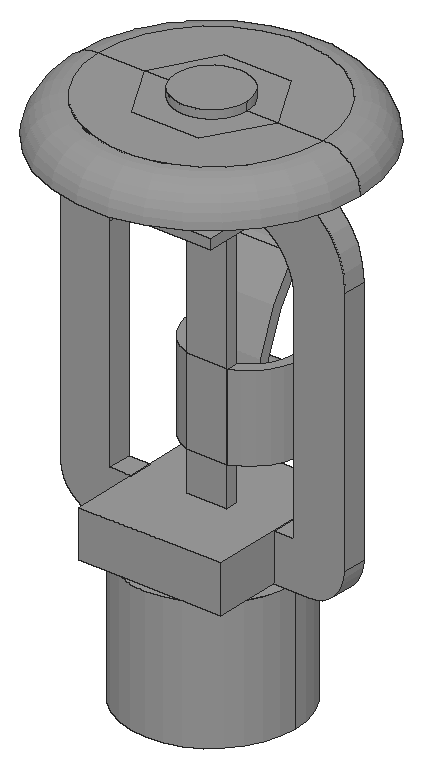
Revit family
Parameters (values of type "RASCO G UPRIGHT")
  Temperature Rating = 286 °F
  Response = (empty or 0)
  RASCO SIN # = "R1025"
  RASCO Part # = "GU3B"
  Pressure Rating = "175 PSI"
  Pressure Class = (empty or 0)
  Orifice Size = 1/2"
  Orifice = (empty or 0)
  Model = "G"
  Manufacturer = "RASCO"
  K-Factor = 5.62
  Description = "Bronze Finish"
  Coverage = (empty or 0)
Reference planes (in)
  plane 1 "Center (Front/Back)": y = 0
  plane 2: z = 0
  plane 3 "Center (Left/Right)": x = 0
Dimensions and locks (in)
  aligned and locked: plane 2 to level
Nested families (in)
  nested 1: "GU3B" at (0, 0, 0), type "RASCO G UPRIGHT"
Definition of nested family "GU3B"
  Parameters (values of type "RASCO G UPRIGHT")
    Type Comments = ""
    Temperature Rating = 0 °F
    Response = (empty or 0)
    Pressure Rating = "0"
    Pressure Class = (empty or 0)
    Orifice Size = 0"
    Orifice = (empty or 0)
    Model = ""
    Manufacturer = ""
    K-Factor = 0
    Description = ""
    Coverage = (empty or 0)
    Assembly Code = ""
  Reference planes (in)
    plane 1 "Center (Front/Back)": y = 0
    plane 2: z = 0
    plane 3 "ref.2": z = 0.6875
    plane 4 "ref.3": z = 0.9375
    plane 5: x = -0.38065
    plane 6: x = 0.36935
    plane 7 "ref. side 1": y = 0.06402
    plane 8 "ref. side 2": y = -0.06098
    plane 9 "ref.4": z = 1.875
    plane 10 "ref.5": z = 2.875
    plane 11 "center": x = -0.00574
  Forms (in)
    Extrusion 1, solid, material "Default"
      sketch origin (0, 0, 0) x (1, 0, 0) y (0, 1, 0)
        loop
          circle (0, 0) r 0.438
      from 0 to 0.6875
    Extrusion 2, solid, material "Default"
      sketch origin (-0.12185, 0.05177, 0.6875) x (1, 0, 0) y (0, 1, 0)
        loop
          line (-0.2588, 0.356) -> (-0.2588, -0.4565) -> (0.4912, -0.4565) -> (0.4912, 0.356) -> (-0.2588, 0.356)
      from 0 to 0.25
    Extrusion 3, solid, material "Default"
      sketch origin (0, 0, 0) x (1, 0, 0) y (0, 0, 1)
        loop
          line (-0.49248, 0.9375) -> (-0.49248, 2.10276)
          arc (-0.49248, 2.10276) -> (-0.40724, 2.30855) -> (-0.20145, 2.39379) r 0.29103
          line (-0.20145, 2.39379) -> (0.18108, 2.39379)
          arc (0.18108, 2.39379) -> (0.38905, 2.30765) -> (0.47519, 2.09969) r 0.29411
          line (0.47519, 2.09969) -> (0.47519, 0.9375) -> (0.36935, 0.9375) -> (0.36935, 0.6875) -> (0.55741, 0.6875)
          arc (0.55741, 0.6875) -> (0.69165, 0.7431) -> (0.74725, 0.87734) r 0.18984
          line (0.74725, 0.87734) -> (0.74725, 2.19113)
          arc (0.74725, 2.19113) -> (0.61669, 2.50631) -> (0.3015, 2.63687) r 0.44574
          line (0.3015, 2.63687) -> (-0.30719, 2.63687)
          arc (-0.30719, 2.63687) -> (-0.62225, 2.50637) -> (-0.75275, 2.19131) r 0.44556
          line (-0.75275, 2.19131) -> (-0.75275, 0.87876)
          arc (-0.75275, 0.87876) -> (-0.69673, 0.74352) -> (-0.56149, 0.6875) r 0.19126
          line (-0.56149, 0.6875) -> (-0.38065, 0.6875) -> (-0.38065, 0.9375) -> (-0.49248, 0.9375)
      from -0.06402 to 0.06098
    Extrusion 4, solid, material "Default"
      sketch origin (-0.00199, 0, 2.4375) x (-1, 0, 0) y (0, -1, 0)
        loop
          circle (0.00574, -0.00152) r 0.1875
      from -0.04371 to 0.4375
    Revolve 5, solid, material "Default"
      sketch origin (-0.0011, 0, 0.30638) x (1, 0, 0) y (0, 0, 1)
        loop
          line (-0.19255, 2.33367) -> (-0.19255, 2.52696) -> (-0.35809, 2.52696) -> (-0.59714, 2.52696)
          arc (-0.59714, 2.52696) -> (-0.73508, 2.47056) -> (-0.79397, 2.33367) r 0.19686
          line (-0.79397, 2.33367) -> (-0.19255, 2.33367)
        axis (-0.00574, 2.33367) -> (-0.00574, 2.52696)
      angle from 0 to 360
    Extrusion 6, solid, material "Default"
      sketch origin (0, 0, 0.9375) x (-1, 0, 0) y (0, -1, 0)
        loop
          line (-0.10175, -0.02852) -> (0.11324, -0.02852) -> (0.11324, 0.03101) -> (-0.10175, 0.03101) -> (-0.10175, -0.02852)
      from 0 to 1.45629
    Extrusion 7, solid, material "Default"
      sketch origin (-0.00574, -0.0095, -0.07537) x (0, 0, -1) y (0, -1, 0)
        loop
          line (-2.39379, 0.21198) -> (-2.39379, -0.229)
          arc (-2.39379, -0.229) -> (-2.26956, -0.41579) -> (-2.04926, -0.37342) r 0.20254
          arc (-2.04926, -0.37342) -> (-1.6599, -0.16721) -> (-1.22163, -0.12207) r 1.15319
          line (-1.22163, -0.12207) -> (-1.22163, -0.07087)
          arc (-1.22163, -0.07087) -> (-1.6782, -0.11947) -> (-2.0834, -0.33544) r 1.20419
          arc (-2.0834, -0.33544) -> (-2.24878, -0.36919) -> (-2.34279, -0.229) r 0.15154
          line (-2.34279, -0.229) -> (-2.34279, 0.21198) -> (-2.39379, 0.21198)
      from -0.17255 to 0.17398
    Extrusion 8, solid, material "Default"
      sketch origin (0, 0, 0) x (1, 0, 0) y (0, 1, 0)
        loop
          arc (0.23993, 0.23051) -> (0.19768, 0.11115) -> (0.10175, 0.02852) r 0.24647
          line (0.10175, 0.02852) -> (-0.11324, 0.02852)
          arc (-0.11324, 0.02852) -> (-0.21767, 0.12447) -> (-0.25194, 0.2621) r 0.24647
          line (-0.25194, 0.2621) -> (-0.25194, 0.40777) -> (-0.30719, 0.40777) -> (-0.30719, 0.25942)
          arc (-0.30719, 0.25942) -> (-0.25653, 0.08328) -> (-0.11324, -0.03101) r 0.30157
          line (-0.11324, -0.03101) -> (0.10175, -0.03101)
          arc (0.10175, -0.03101) -> (0.24461, 0.08262) -> (0.29574, 0.25785) r 0.30157
          line (0.29574, 0.25785) -> (0.29574, 0.40777) -> (0.23993, 0.40777) -> (0.23993, 0.23051)
      from 1.14626 to 1.59756
    Extrusion 9, solid, material "Default"
      sketch origin (-0.00574, -0.0095, -0.07537) x (0, 0, -1) y (0, -1, 0)
        loop
          circle (-1.44728, -0.26892) r 0.13147
      from -0.24568 to 0.24619
  Cuts and joins
    joined: Extrusion 1, Extrusion 2, Revolve 5
  Dimensions and locks (in)
    Revolve 5 sketch curve to Revolve 5 sketch curve = 0.78823"
    plane 10 "ref.5" to level = 2.875"
